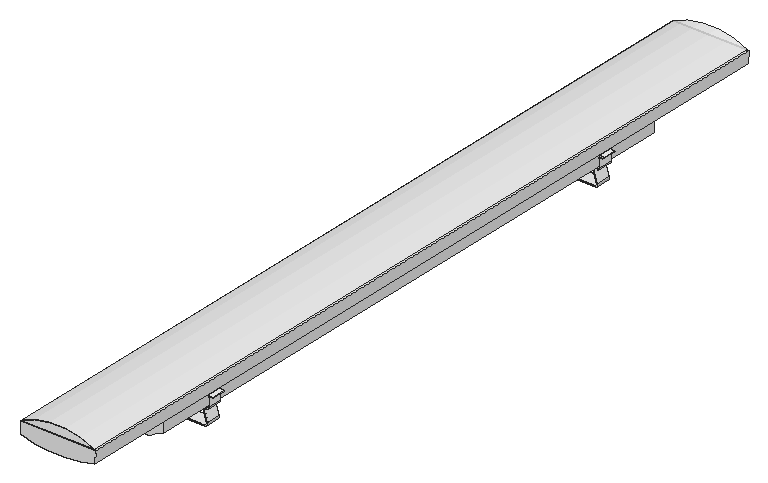
Revit family "Lighting-Industrial-GEWISS-SMART[3]e-WATERTIGHT-LED_TRANSPARENT_1200mm", category Apparecchi per illuminazione, host Superficie, Revit 2019
Family settings
  Host = Superficie
  Quota connettore circolare = Usa diametro
  Tipo di parte = Normale
  Taglio con vuoti quando caricato = No
  Sorgente d'illuminazione = No
  Condiviso = No
  Punto di calcolo locali = Sì
Parameters (values of type "GWS3220ET840 - SMART3e 1200 ON/OFF TRASP CRI80 4000K")
  Wiring : = "Stand alone"
  Wiring = "With GW connect watertight connector"
  Warranty = "5 years"
  Version file RFA = "21.4"
  Unique digital code (Datamatrix) = "Datamatrix"
  Unified Glare Rating = "-"
  URL = "https://www.gewiss.com/ww/en"
  Type of light source = "LED - Not replaceable"
  Tilt- = "With fixing bracket"
  Technical sheet = "https://www.gewiss.com/ww/en/search?q=GWS3220ET840"
  Supply voltage = "220 - 240 V"
  Struttura = GEWISS - SMART 3 - GRIGIO
  Stocking temperature = "-25 +80 °C"
  Standards and approvals = "-"
  Standard- = "EN60598-1; IEC 62778; IEC62471"
  Standard Deviation Colour Matching = "SDCM = 3"
  Stampa 1_200 = no
  Stampa 1_100 = not(Stampa 1_200)  # yes
  Spostamento_Y_etichetta [instance] = 0 mm
  Spostamento_Y_effettivo_etichetta [instance] = 1500 mm - Spostamento_Y_etichetta  # 1500 mm
  Spostamento_X_etichetta [instance] = 0 mm
  Spostamento_X_effettivo_etichetta [instance] = 1500 mm - Spostamento_X_etichetta  # 1500 mm
  Shock resistance = "IK08"
  Shield type = "UV stabilised polycarbonate"
  Schermo- = Gewiss - Led Acceso
  Realized by GEWISS S.p.A. = ""
  Rated frequency (Hz) = "50/60 Hz"
  Default Elevation = 1219.2 mm
  Produttore = "GEWISS S.p.A."
  Photobiological Risk Class = "-"
  Overvoltage protection = "DM 1KV / CM 2KV"
  Optic and illuminating features = "-"
  Optic Maintenance = "Not available"
  Optic : = "Integrated in the screen"
  Optic = "Microprismatic transparent"
  Operating temperature : = "-25 +40 °C"
  Mouting and installation = "Ceiling - Wallmounting - Suspension"
  Modello = "GWS3220ET840"
  Maximum surface exposed to the wind : = "-"
  Materials = "-"
  Lunghezza Lampada = 1200 mm  # constant formula
  Luminaire = "LED fixture for general lighting"
  Locking Hook = "-"
  Lifetime = "L80B20(Tq25°C)=90.000h - L80B20(Tq40°C)=50.000h"
  Lampada = "LED"
  LED Maintenance = "Not available"
  Insulation class = "II"
  Installationa and maintenance = "-"
  Immagine tipo = GWS3136T.jpg
  IPEA = "-"
  IP degree = "IP66/IP69"
  IFC.TypeObject = ""
  IFC.ExportType = ""
  IFC.ExportAs = ""
  IDT = "55c9cc56-a650-4216-8e8d-8a519f427575"
  IDF = "54aa4d0d-a95a-42ca-a153-df0d40d5bcc5"
  Glow Wire Test : = "850 °C"
  General information = "-"
  Gasket = "CNC deposited sealant"
  Ganci = GEWISS  - ALLUMINIO
  Fixing = "Stainless steel support"
  External screw = "-"
  Eletrical and lighting features = "-"
  EAN code = ""
  Driver failure rate = "F10 = 90.000 h a Tq 25°C/F10= 50.000 h a Tq 40°C"
  Driver Box = "Built-in"
  Driver = "Included"
  Device with reduced surface temperature = "Yes"
  Descrizione = "SMART3e 1200 ON/OFF TRASP CRI80 4000K"
  DIN 18032-3 certification = "Not available"
  Control System : = "ON / OFF"
  Control System = "Stand Alone - On / Off"
  Context = "Lighting of warehouses, indoor parking and industrial production rooms"
  Colour : = "RAL7035 colored PC paste"
  Colour = "Grey RAL 7035"
  Color Rendering Index = "CRI>80"
  Classification: = "-"
  Catalogue = "LIGHTING"
  COBie.Tagnumber = ""
  COBie.CreatedOn = ""
  COBie.CreatebBy = ""
  COBie.ComponentRegisterItemID = ""
  COBie.Component.TagNumber = ""
  COBie.Component.Space = ""
  COBie.Component.SerialNumber = ""
  COBie.Component.InstallationDate = ""
  COBie.Component.Description = ""
  COBie.Component.BarCode = ""
  Body = "Polycarbonate"
  Application = "Internal"
Types (5, lengths in mm): name | Wiring : | Technical sheet | Modello | IDT | Descrizione | Control System
  (no name) | "Stand alone" | "https://www.gewiss.com/ww/en/search?q=GWS3220ET840" | "GWS3220ET840" | "55c9cc56-a650-4216-8e8d-8a519f427575" | "SMART3e 1200 ON/OFF TRASP CRI80 4000K" | "Stand Alone - On / Off"
  GWS3220ET840 - SMART3e 1200 ON/OFF TRASP CRI80 4000K | "Stand alone" | "https://www.gewiss.com/ww/en/search?q=GWS3220ET840" | "GWS3220ET840" | "55c9cc56-a650-4216-8e8d-8a519f427575" | "SMART3e 1200 ON/OFF TRASP CRI80 4000K" | "Stand Alone - On / Off"
  GWS3220ET857 - SMART3e 1200 ON/OFF TRASP CRI80 5700K | "Stand alone" | "https://www.gewiss.com/ww/en/search?q=GWS3220ET857" | "GWS3220ET857" | "3b68c0fc-d9d0-4c69-934b-3ba926f300ed" | "SMART3e 1200 ON/OFF TRASP CRI80 5700K" | "Stand Alone - On / Off"
  GWS3222ET840 - SMART3e 1200 TW ON/OFF TRASP CRI80 4000K | "Through Line" | "https://www.gewiss.com/ww/en/search?q=GWS3222ET840" | "GWS3222ET840" | "3017342e-8d26-4075-a692-c8991d4bae46" | "SMART3e 1200 TW ON/OFF TRASP CRI80 4000K" | "Through wiring - On/Off"
  GWS3222ET857 - SMART3e 1200 TW ON/OFF TRASP CRI80 5700K | "Through Line" | "https://www.gewiss.com/ww/en/search?q=GWS3222ET857" | "GWS3222ET857" | "61b8f3ee-66dc-4bb3-9fbc-5ccb0109b78b" | "SMART3e 1200 TW ON/OFF TRASP CRI80 5700K" | "Through wiring - On/Off"
Reference planes
  plane 1 "Centro (Fronte/Retro)": y = 0
  plane 2: z = 0
  plane 3 "Centro (Sinistra/Destra)": x = 0
  plane 4: x = -1500
  plane 5: y = -1500
  plane 6: x = 0
  plane 7: y = 0
Forms (mm)
  Extrusion 1, solid, material "GEWISS  - ALLUMINIO" <- "Ganci", detail levels medium+fine
    sketch origin (0, 0, 0) x (1, 0, 0) y (0, 0, 1)
      loop
        arc (31.431, -0.002) -> (34.576, 1.589) -> (35.156, 5.066) r 3.903
        line (35.156, 5.066) -> (29.612, 23.211)
        arc (29.612, 23.211) -> (29.883, 24.381) -> (31.032, 24.73) r 1.2
        line (31.032, 24.73) -> (34.307, 23.974)
        arc (34.307, 23.974) -> (36.765, 24.53) -> (37.859, 26.8) r 2.9
        line (37.859, 26.8) -> (37.859, 38.8)
        arc (37.859, 38.8) -> (37.648, 39.694) -> (37.059, 40.4) r 2
        line (37.059, 40.4) -> (37.059, 42.71) -> (42.861, 40.598) -> (43.203, 41.538) -> (37.53, 43.603)
        arc (37.53, 43.603) -> (37.019, 43.613) -> (36.605, 43.311) r 0.8
        line (36.605, 43.311) -> (36.306, 26.139)
        arc (36.306, 26.139) -> (35.6, 25.444) -> (34.616, 25.34) r 1.5
        line (34.616, 25.34) -> (31.344, 26.095)
        arc (31.344, 26.095) -> (28.858, 25.335) -> (28.273, 22.802) r 2.6
        line (28.273, 22.802) -> (33.827, 4.636)
        arc (33.827, 4.636) -> (33.449, 2.415) -> (31.438, 1.4) r 2.5
        line (31.438, 1.4) -> (-31.437, 1.4)
        arc (-31.437, 1.4) -> (-33.449, 2.415) -> (-33.827, 4.636) r 2.5
        line (-33.827, 4.636) -> (-28.273, 22.802)
        arc (-28.273, 22.802) -> (-28.858, 25.335) -> (-31.344, 26.095) r 2.6
        line (-31.344, 26.095) -> (-34.616, 25.34)
        arc (-34.616, 25.34) -> (-35.6, 25.444) -> (-36.306, 26.139) r 1.5
        line (-36.306, 26.139) -> (-36.605, 43.311)
        arc (-36.605, 43.311) -> (-37.019, 43.613) -> (-37.53, 43.603) r 0.8
        line (-37.53, 43.603) -> (-43.203, 41.538) -> (-42.861, 40.598) -> (-37.059, 42.71) -> (-37.059, 40.4)
        arc (-37.059, 40.4) -> (-37.648, 39.694) -> (-37.859, 38.8) r 2
        line (-37.859, 38.8) -> (-37.859, 26.8)
        arc (-37.859, 26.8) -> (-36.765, 24.53) -> (-34.307, 23.974) r 2.9
        line (-34.307, 23.974) -> (-31.032, 24.73)
        arc (-31.032, 24.73) -> (-29.883, 24.381) -> (-29.612, 23.211) r 1.2
        line (-29.612, 23.211) -> (-35.156, 5.066)
        arc (-35.156, 5.066) -> (-34.576, 1.589) -> (-31.431, -0.002) r 3.903
        line (-31.431, -0.002) -> (31.431, -0.002)
    from 348.766 to 368.766
  Extrusion 2, solid, material "GEWISS  - ALLUMINIO" <- "Ganci", detail levels medium+fine
    sketch origin (0, 0, 0) x (1, 0, 0) y (0, 0, -1)
      loop
        line (31.431, 0.002) -> (-31.431, 0.002)
        arc (-31.431, 0.002) -> (-34.576, -1.589) -> (-35.156, -5.066) r 3.903
        line (-35.156, -5.066) -> (-29.612, -23.211)
        arc (-29.612, -23.211) -> (-29.883, -24.381) -> (-31.032, -24.73) r 1.2
        line (-31.032, -24.73) -> (-34.307, -23.974)
        arc (-34.307, -23.974) -> (-36.765, -24.53) -> (-37.859, -26.8) r 2.9
        line (-37.859, -26.8) -> (-37.859, -38.8)
        arc (-37.859, -38.8) -> (-37.648, -39.694) -> (-37.059, -40.4) r 2
        line (-37.059, -40.4) -> (-37.059, -42.71) -> (-42.861, -40.598) -> (-43.203, -41.538) -> (-37.53, -43.603)
        arc (-37.53, -43.603) -> (-37.019, -43.613) -> (-36.605, -43.311) r 0.8
        line (-36.605, -43.311) -> (-36.306, -26.139)
        arc (-36.306, -26.139) -> (-35.6, -25.444) -> (-34.616, -25.34) r 1.5
        line (-34.616, -25.34) -> (-31.344, -26.095)
        arc (-31.344, -26.095) -> (-28.858, -25.335) -> (-28.273, -22.802) r 2.6
        line (-28.273, -22.802) -> (-33.827, -4.636)
        arc (-33.827, -4.636) -> (-33.449, -2.415) -> (-31.437, -1.4) r 2.5
        line (-31.437, -1.4) -> (31.438, -1.4)
        arc (31.438, -1.4) -> (33.449, -2.415) -> (33.827, -4.636) r 2.5
        line (33.827, -4.636) -> (28.273, -22.802)
        arc (28.273, -22.802) -> (28.858, -25.335) -> (31.344, -26.095) r 2.6
        line (31.344, -26.095) -> (34.616, -25.34)
        arc (34.616, -25.34) -> (35.6, -25.444) -> (36.306, -26.139) r 1.5
        line (36.306, -26.139) -> (36.605, -43.311)
        arc (36.605, -43.311) -> (37.019, -43.613) -> (37.53, -43.603) r 0.8
        line (37.53, -43.603) -> (43.203, -41.538) -> (42.861, -40.598) -> (37.059, -42.71) -> (37.059, -40.4)
        arc (37.059, -40.4) -> (37.648, -39.694) -> (37.859, -38.8) r 2
        line (37.859, -38.8) -> (37.859, -26.8)
        arc (37.859, -26.8) -> (36.765, -24.53) -> (34.307, -23.974) r 2.9
        line (34.307, -23.974) -> (31.032, -24.73)
        arc (31.032, -24.73) -> (29.883, -24.381) -> (29.612, -23.211) r 1.2
        line (29.612, -23.211) -> (35.156, -5.066)
        arc (35.156, -5.066) -> (34.576, -1.589) -> (31.431, 0.002) r 3.903
    from 348.766 to 368.766
  Extrusion 3, solid, material "GEWISS - SMART 3 - GRIGIO" <- "Struttura", detail levels medium+fine
    sketch origin (0, 0, 0) x (1, 0, 0) y (0, 0, 1)
      loop
        line (-36.331, 55.757) -> (-35.847, 28.018)
        arc (-35.847, 28.018) -> (-33.139, 27.27) -> (-30.416, 26.58) r 129.5
        arc (-30.416, 26.58) -> (-28.066, 25.76) -> (-25.915, 24.506) r 13
        arc (-25.915, 24.506) -> (-24.23, 23.324) -> (-22.521, 22.178) r 99.5
        arc (-22.521, 22.178) -> (-16.401, 19.063) -> (-9.748, 17.365) r 31.146
        line (-9.748, 17.365) -> (12.491, 17.365)
        arc (12.491, 17.365) -> (17.822, 19.098) -> (22.764, 21.745) r 31.646
        arc (22.764, 21.745) -> (24.509, 22.915) -> (26.228, 24.122) r 100
        arc (26.228, 24.122) -> (28.283, 25.313) -> (30.525, 26.095) r 12.5
        arc (30.525, 26.095) -> (33.437, 26.834) -> (36.332, 27.64) r 130
        line (36.332, 27.64) -> (36.824, 55.851)
        arc (36.824, 55.851) -> (24.914, 53.937) -> (12.909, 52.764) r 195.047
        line (12.909, 52.764) -> (-12.909, 52.764)
        arc (-12.909, 52.764) -> (-24.665, 53.905) -> (-36.331, 55.757) r 195.047
    from -450 to 450
  Extrusion 4, solid, material "GEWISS - SMART 3 - GRIGIO" <- "Struttura", detail levels medium+fine
    sketch origin (0, 0, 0) x (1, 0, 0) y (0, 0, 1)
      loop
        line (54.725, 60.184) -> (55.177, 77.445) -> (-55.177, 77.445) -> (-54.725, 60.184)
        arc (-54.725, 60.184) -> (-34.019, 55.332) -> (-12.909, 52.764) r 195.047
        line (-12.909, 52.764) -> (12.909, 52.764)
        arc (12.909, 52.764) -> (34.019, 55.332) -> (54.725, 60.184) r 195.047
    from -600 to 600
  Extrusion 5, solid, material "Gewiss - Led Acceso" <- "Schermo-", detail levels medium+fine
    sketch origin (0, 0, 0) x (1, 0, 0) y (0, 0, 1)
      loop
        arc (54.697, 78.441) -> (-0.014, 90.457) -> (-54.723, 78.429) r 130.5
        arc (-54.723, 78.429) -> (-54.988, 77.838) -> (-54.5, 77.445) r 0.5
        line (-54.5, 77.445) -> (54.479, 77.445)
        arc (54.479, 77.445) -> (54.988, 77.855) -> (54.697, 78.441) r 0.522
    from -600 to 600
  Extrusion 6, solid, material "GEWISS - SMART 3 - GRIGIO" <- "Struttura", detail levels coarse
    sketch origin (0, 0, 0) x (1, 0, 0) y (0, 0, 1)
      loop
        line (-54.5, 90.439) -> (-54.5, 0) -> (54.5, 0) -> (54.5, 90.439) -> (-54.5, 90.439)
    from -600 to 600
Lines and regions (mm)
  Masking region 1
    outline origin (0, 0, 0) x (1, 0, 0) y (0, 1, 0)
      loop
        line (-55.177, 600) -> (-55.177, -600) -> (55.177, -600) -> (55.177, 600) -> (-55.177, 600)
  symbolic lines, style "GEWISS - LIGHT 2D"
    curve 1: line (0, 488.766, 0) -> (0, -491.234, 0)
Dimensions and locks
  plane 4 to plane 3 "Centro (Sinistra/Destra)" = 1500 mm
  "Spostamento_X_effettivo_etichetta": plane 4 to plane 6
  plane 1 "Centro (Fronte/Retro)" to plane 5 = 1500 mm
  "Spostamento_Y_effettivo_etichetta": plane 7 to plane 5
  aligned and locked: plane 2 to host face
  aligned and locked: level to host face
  aligned and locked: Masking region 1 sketch curve to Extrusion 4  (x4)
  aligned and locked: plane 6 to nested 1
  aligned and locked: nested 1 to plane 7
  aligned and locked: curve 1 to plane 3 "Centro (Sinistra/Destra)"
Automatic sketch dimensions
  host sketch curve to host sketch curve = 2438.4 mm  (x2)
  Extrusion 1 sketch curve to Extrusion 1 sketch curve = 0 mm  (x28)
  Extrusion 1 sketch curve to plane 3 "Centro (Sinistra/Destra)" = 43.203 mm
  level to Extrusion 1 sketch curve = 40.598 mm
  Extrusion 1 sketch curve to Extrusion 1 sketch curve = 0.342 mm  (x2)
  Extrusion 1 sketch curve to Extrusion 1 sketch curve = 5.002 mm  (x2)
  Extrusion 1 sketch curve to Extrusion 1 sketch curve = 0.329 mm
  Extrusion 1 sketch curve to Extrusion 1 sketch curve = 0.271 mm  (x2)
  Extrusion 1 sketch curve to Extrusion 1 sketch curve = 0.8 mm  (x2)
  Extrusion 1 sketch curve to Extrusion 1 sketch curve = 0.454 mm  (x2)
  Extrusion 1 sketch curve to Extrusion 1 sketch curve = 1.554 mm
  Extrusion 1 sketch curve to Extrusion 1 sketch curve = 2 mm
  level to Extrusion 1 sketch curve = 5.066 mm  (x2)
  Extrusion 1 sketch curve to Extrusion 1 sketch curve = 1.15 mm
  Extrusion 1 sketch curve to Extrusion 1 sketch curve = 1.346 mm  (x2)
  Extrusion 1 sketch curve to Extrusion 1 sketch curve = 0.343 mm  (x2)
  level to Extrusion 1 sketch curve = 4.636 mm  (x2)
  Extrusion 1 sketch curve to Extrusion 1 sketch curve = 1.329 mm  (x2)
  level to Extrusion 1 sketch curve = 1.4 mm
  Extrusion 1 sketch curve to Extrusion 1 sketch curve = 2.389 mm  (x2)
  Extrusion 1 sketch curve to Extrusion 1 sketch curve = 0.007 mm  (x2)
  Extrusion 1 sketch curve to Extrusion 1 sketch curve = 3.584 mm  (x2)
  Extrusion 1 sketch curve to Extrusion 1 sketch curve = 0.273 mm  (x2)
  plane 3 "Centro (Sinistra/Destra)" to Extrusion 1 sketch curve = 30.759 mm
  Extrusion 1 sketch curve to level = 0.002 mm
  Extrusion 1 sketch curve to Extrusion 1 sketch curve = 0.672 mm
  Extrusion 1 sketch curve to Extrusion 1 sketch curve = 0.9 mm
  level to Extrusion 1 sketch curve = 26.139 mm
  Extrusion 1 sketch curve to Extrusion 1 sketch curve = 0.746 mm
  Extrusion 1 sketch curve to Extrusion 1 sketch curve = 0.2 mm
  Extrusion 1 sketch curve to Extrusion 1 sketch curve = 2.577 mm
  Extrusion 1 sketch curve to Extrusion 1 sketch curve = 18.496 mm
  Extrusion 1 sketch curve to Extrusion 1 sketch curve = 1.169 mm  (x2)
  Extrusion 1 sketch curve to Extrusion 1 sketch curve = 0.799 mm  (x2)
  Extrusion 1 sketch curve to Extrusion 1 sketch curve = 0.609 mm
  Extrusion 1 sketch curve to Extrusion 1 sketch curve = 1.798 mm  (x2)
  Extrusion 1 sketch curve to Extrusion 1 sketch curve = 12 mm
  Extrusion 1 sketch curve to Extrusion 1 sketch curve = 0.94 mm  (x2)
  Extrusion 1 sketch curve to Extrusion 1 sketch curve = 0.14 mm  (x2)
  Extrusion 1 sketch curve to Extrusion 1 sketch curve = 0.309 mm  (x2)
  Extrusion 1 sketch curve to Extrusion 1 sketch curve = 0.312 mm  (x2)
  Extrusion 1 sketch curve to Extrusion 1 sketch curve = 1.148 mm  (x2)
  Extrusion 1 sketch curve to Extrusion 1 sketch curve = 1.339 mm
  Extrusion 1 sketch curve to Extrusion 1 sketch curve = 2.486 mm
  Extrusion 1 sketch curve to Extrusion 1 sketch curve = 0.409 mm  (x2)
  Extrusion 2 sketch curve to Extrusion 2 sketch curve = 0 mm  (x28)
  Extrusion 2 sketch curve to plane 3 "Centro (Sinistra/Destra)" = 43.203 mm
  level to Extrusion 2 sketch curve = 40.598 mm
  Extrusion 2 sketch curve to Extrusion 2 sketch curve = 0.342 mm  (x2)
  Extrusion 2 sketch curve to Extrusion 2 sketch curve = 5.002 mm  (x2)
  Extrusion 2 sketch curve to Extrusion 2 sketch curve = 0.329 mm
  Extrusion 2 sketch curve to Extrusion 2 sketch curve = 0.271 mm  (x2)
  Extrusion 2 sketch curve to Extrusion 2 sketch curve = 0.8 mm  (x2)
  Extrusion 2 sketch curve to Extrusion 2 sketch curve = 0.454 mm  (x2)
  Extrusion 2 sketch curve to Extrusion 2 sketch curve = 1.554 mm
  Extrusion 2 sketch curve to Extrusion 2 sketch curve = 2 mm
  level to Extrusion 2 sketch curve = 5.066 mm  (x2)
  Extrusion 2 sketch curve to Extrusion 2 sketch curve = 1.15 mm
  Extrusion 2 sketch curve to Extrusion 2 sketch curve = 1.346 mm  (x2)
  Extrusion 2 sketch curve to Extrusion 2 sketch curve = 0.343 mm  (x2)
  level to Extrusion 2 sketch curve = 4.636 mm  (x2)
  Extrusion 2 sketch curve to Extrusion 2 sketch curve = 1.329 mm  (x2)
  level to Extrusion 2 sketch curve = 1.4 mm
  Extrusion 2 sketch curve to Extrusion 2 sketch curve = 2.389 mm  (x2)
  Extrusion 2 sketch curve to Extrusion 2 sketch curve = 0.007 mm  (x2)
  Extrusion 2 sketch curve to Extrusion 2 sketch curve = 3.584 mm  (x2)
  Extrusion 2 sketch curve to Extrusion 2 sketch curve = 0.273 mm  (x2)
  plane 3 "Centro (Sinistra/Destra)" to Extrusion 2 sketch curve = 30.759 mm
  Extrusion 2 sketch curve to level = 0.002 mm
  Extrusion 2 sketch curve to Extrusion 2 sketch curve = 0.672 mm
  Extrusion 2 sketch curve to Extrusion 2 sketch curve = 0.9 mm
  level to Extrusion 2 sketch curve = 26.139 mm
  Extrusion 2 sketch curve to Extrusion 2 sketch curve = 0.746 mm
  Extrusion 2 sketch curve to Extrusion 2 sketch curve = 0.2 mm
  Extrusion 2 sketch curve to Extrusion 2 sketch curve = 14.46 mm
  Extrusion 2 sketch curve to Extrusion 2 sketch curve = 0.94 mm  (x2)
  Extrusion 2 sketch curve to Extrusion 2 sketch curve = 0.14 mm  (x2)
  Extrusion 2 sketch curve to Extrusion 2 sketch curve = 2.31 mm  (x2)
  Extrusion 2 sketch curve to Extrusion 2 sketch curve = 12 mm
  Extrusion 2 sketch curve to Extrusion 2 sketch curve = 0.661 mm  (x2)
  Extrusion 2 sketch curve to Extrusion 2 sketch curve = 0.609 mm  (x2)
  Extrusion 2 sketch curve to Extrusion 2 sketch curve = 1.169 mm  (x2)
  Extrusion 2 sketch curve to Extrusion 2 sketch curve = 0.309 mm  (x2)
  Extrusion 2 sketch curve to Extrusion 2 sketch curve = 0.312 mm  (x2)
  Extrusion 2 sketch curve to Extrusion 2 sketch curve = 1.148 mm  (x2)
  Extrusion 2 sketch curve to Extrusion 2 sketch curve = 1.339 mm
  Extrusion 2 sketch curve to Extrusion 2 sketch curve = 2.486 mm
  Extrusion 2 sketch curve to Extrusion 2 sketch curve = 1.365 mm  (x2)
  Extrusion 3 sketch curve to plane 3 "Centro (Sinistra/Destra)" = 36.331 mm
  Extrusion 3 sketch curve to Extrusion 3 sketch curve = 0.484 mm
  Extrusion 3 sketch curve to Extrusion 3 sketch curve = 2.34 mm
  Extrusion 3 sketch curve to plane 3 "Centro (Sinistra/Destra)" = 32.068 mm
  Extrusion 3 sketch curve to plane 3 "Centro (Sinistra/Destra)" = 12.909 mm
  Extrusion 3 sketch curve to plane 3 "Centro (Sinistra/Destra)" = 9.748 mm
  Extrusion 3 sketch curve to plane 3 "Centro (Sinistra/Destra)" = 5.421 mm
  Extrusion 3 sketch curve to plane 3 "Centro (Sinistra/Destra)" = 0.057 mm
  Extrusion 3 sketch curve to plane 3 "Centro (Sinistra/Destra)" = 0.007 mm
  Extrusion 3 sketch curve to plane 3 "Centro (Sinistra/Destra)" = 0.001 mm
  plane 3 "Centro (Sinistra/Destra)" to Extrusion 3 sketch curve = 0.057 mm
  plane 3 "Centro (Sinistra/Destra)" to Extrusion 3 sketch curve = 5.412 mm
  plane 3 "Centro (Sinistra/Destra)" to Extrusion 3 sketch curve = 12.491 mm
  Extrusion 3 sketch curve to Extrusion 3 sketch curve = 7.496 mm
  plane 3 "Centro (Sinistra/Destra)" to Extrusion 3 sketch curve = 32.059 mm
  Extrusion 3 sketch curve to Extrusion 3 sketch curve = 21.008 mm
  Extrusion 3 sketch curve to Extrusion 3 sketch curve = 2.833 mm
  Extrusion 3 sketch curve to Extrusion 3 sketch curve = 23.916 mm
  level to Extrusion 3 sketch curve = 13.953 mm  (x2)
  level to Extrusion 3 sketch curve = 17.365 mm  (x2)
  Extrusion 3 sketch curve to Extrusion 3 sketch curve = 13.687 mm
  Extrusion 3 sketch curve to Extrusion 3 sketch curve = 14.064 mm
  Extrusion 3 sketch curve to Extrusion 3 sketch curve = 30.844 mm
  Extrusion 3 sketch curve to Extrusion 3 sketch curve = 0 mm  (x3)
  Extrusion 3 sketch curve to Extrusion 3 sketch curve = 4.555 mm
  Extrusion 3 sketch curve to Extrusion 3 sketch curve = 2.993 mm
  Extrusion 3 sketch curve to Extrusion 3 sketch curve = 3.087 mm
  Extrusion 3 sketch curve to Extrusion 3 sketch curve = 49.52 mm
  Extrusion 3 sketch curve to Extrusion 3 sketch curve = 49.615 mm
  Extrusion 3 sketch curve to Extrusion 3 sketch curve = 47.089 mm
  Extrusion 3 sketch curve to Extrusion 3 sketch curve = 5.431 mm
  Extrusion 3 sketch curve to Extrusion 3 sketch curve = 4.5 mm
  Extrusion 3 sketch curve to Extrusion 3 sketch curve = 10.273 mm
  Extrusion 3 sketch curve to Extrusion 3 sketch curve = 3.465 mm
  Extrusion 3 sketch curve to Extrusion 3 sketch curve = 4.297 mm
  Extrusion 4 sketch curve to plane 3 "Centro (Sinistra/Destra)" = 55.177 mm
  Extrusion 4 sketch curve to Extrusion 4 sketch curve = 0.452 mm  (x2)
  Extrusion 4 sketch curve to plane 3 "Centro (Sinistra/Destra)" = 12.909 mm
  Extrusion 4 sketch curve to plane 3 "Centro (Sinistra/Destra)" = 0.057 mm
  plane 3 "Centro (Sinistra/Destra)" to Extrusion 4 sketch curve = 0.057 mm
  plane 3 "Centro (Sinistra/Destra)" to Extrusion 4 sketch curve = 12.909 mm
  Extrusion 4 sketch curve to Extrusion 4 sketch curve = 41.816 mm
  level to Extrusion 4 sketch curve = 52.764 mm
  Extrusion 4 sketch curve to Extrusion 4 sketch curve = 7.42 mm  (x2)
  Extrusion 4 sketch curve to Extrusion 4 sketch curve = 17.262 mm
  Extrusion 5 sketch curve to plane 3 "Centro (Sinistra/Destra)" = 0 mm
  Extrusion 5 sketch curve to plane 3 "Centro (Sinistra/Destra)" = 54.5 mm
  plane 3 "Centro (Sinistra/Destra)" to Extrusion 5 sketch curve = 54.479 mm
  Extrusion 5 sketch curve to level = 40.043 mm
  level to Extrusion 5 sketch curve = 77.445 mm
  Extrusion 5 sketch curve to Extrusion 5 sketch curve = 0.5 mm
  Extrusion 5 sketch curve to Extrusion 5 sketch curve = 0.522 mm
  Extrusion 5 sketch curve to Extrusion 5 sketch curve = 0.21 mm
  Extrusion 5 sketch curve to Extrusion 5 sketch curve = 0.014 mm
  Extrusion 5 sketch curve to Extrusion 5 sketch curve = 0 mm
  Extrusion 6 sketch curve to level = 0 mm
  Extrusion 6 sketch curve to plane 3 "Centro (Sinistra/Destra)" = 54.5 mm
  plane 3 "Centro (Sinistra/Destra)" to Extrusion 6 sketch curve = 54.5 mm
  Extrusion 6 sketch curve to Extrusion 6 sketch curve = 90.439 mm
  plane 1 "Centro (Fronte/Retro)" to curve 1 = 491.234 mm
  curve 1 to plane 1 "Centro (Fronte/Retro)" = 488.766 mm
Nested families
  nested 1: "ETICHETTA WATTAGGIO" at (0, 0, 0), type "ETICHETTA WATTAGGIO"
Definition of nested family "ETICHETTA WATTAGGIO"
  Parameters (values of type "ETICHETTA WATTAGGIO")
    GW - Potenza di sistema = ""
    GW - Numero LED = ""
    COMMENTI = "13W"
    1_200 = no
    1_100 = yes
  Reference planes
    plane 1: y = 0
    plane 2: x = 0
  Text (mm)
    label "GW - Potenza di sistema\nGW - Numero LED LED" at (-0.057, -0.214, 0), shows "GW - Potenza di sistema", "GW - Numero LED", visible <- "1_100"
    label "GW - Potenza di sistema\nGW - Numero LED LED " at (-0.057, -0.214, 0), shows "GW - Potenza di sistema", "GW - Numero LED", visible <- "1_200"
